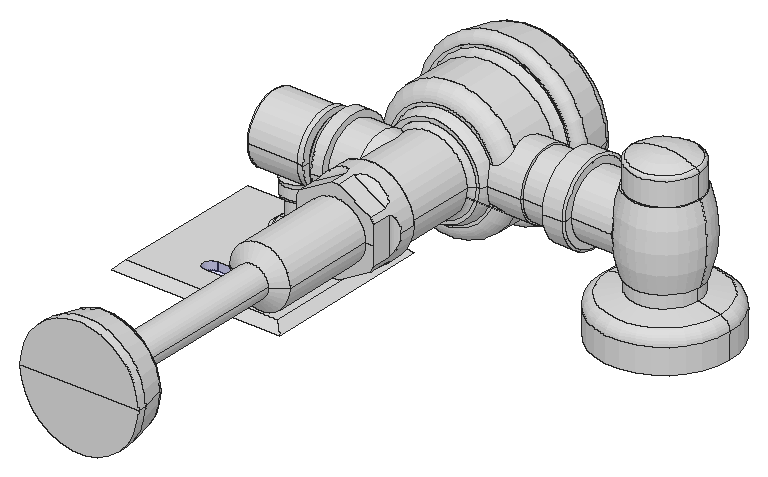
Revit family "Plumbing-Flushometer-Sloan-Valve-Sloan-186-ESS_", category Plumbing Fixtures, host Face, Revit 2019
Family settings
  Host = Face
  Round Connector Dimension = Use Diameter
  Part Type = Normal
  OmniClass Number = 23.45.05.14.99
  OmniClass Title = Other Sanitary Washing Plumbing Fixtures
  Cut with Voids When Loaded = No
  Shared = No
  Room Calculation Point = No
Parameters (values of type "Not a Type - Load Type Catalog!")
  z_CL EL Box = if(True Mechanical Override, 6", 2 1/2")  # 2 1/2"
  Water Inlet Connection Diameter = 3" / 4  # 3/4"
  Waste Connection = no
  WFU = 0
  Voltage = 24 V
  Vent Connection = no
  Valve Pressure Drop = 0.00 psi
  URL = "www.sloanvalve.com"
  True Mechanical Override = no
  Product data url = "https://bimobject.com/sloan_valve/product/flushometers_sloan-186-ess"
  Product Material = Sloan Valve - Finish - Polished Chrome
  Product Guid = ""
  Power Factor = 1
  Part Number = ""
  Override Button = no
  Operating Water Pressure = "15 – 80 PSI (103 – 552 kPa)"  # constant formula
  Number of Poles = 1
  Model = "Model not specified - Load type catalog!"
  Manufacturer = "Sloan Valve"  # constant formula
  Keynote = "15410"
  Height = 14"  # constant formula
  HWFU = 0
  HW Connection = no
  Flush Rate = "0"
  Edition number = 1
  Description = ""
  Default Elevation = 0"
  Current = 0 A
  Centerline of Supply to Centerline of Valve = 4 3/4"  # constant formula
  Centerline of Supply from Top of Fixture = 11 1/2"  # constant formula
  CWFU = 0
  CW Connection = yes
  Assembly Code = "D2020300"
  Apparent Load = (Voltage * Current) / (Power Factor * Number of Poles)  # 0 VA
Reference planes (in)
  plane 1 "Center (Front/Back)": y = 0
  plane 2: z = 0
  plane 3 "Center (Left/Right)": x = 0
  plane 4: y = -11.5
Dimensions and locks (in)
  aligned and locked: plane 2 to host face
  aligned and locked: level to host face
Nested families (in)
  nested 1: "Geometry" at (0, -11.5, 0) x (1, 0, 0) z (0, 1, 0), type "Geometry"
    with Override Button no
Connectors (in)
  piping at (4.75, 0, 0), diameter 0.75, driven by "Water Inlet Connection Diameter", driven by "CWFU", driven by "Valve Pressure Drop"
    settings: on nested 1, index 3, connector inside diameter 24", connector length 0", flow factor 0, pipe flow 0 GPM, pressure drop 0.00 psi, fitting loss kfactor 0, connector angle 0.00°, fixture units 0, engagement length 0", angle of deflection 0.00°, flow configuration 3, flow direction 1, fitting loss method 4, system type 20, joint type 0, gender type 0, connector reference index -1, connector utility 0, adjustable connector no, is connector primary yes, connector description "Water Inlet Connection"
  electrical at (-2.83227, -2.5, 0), driven by "Number of Poles", driven by "Voltage", driven by "Apparent Load", driven by "Apparent Load", driven by "Apparent Load", driven by "Power Factor"
    settings: on nested 1, index 4, voltage 24 V, apparent load 0 VA, apparent load phase1 0 VA, apparent load phase2 0 VA, apparent load phase3 0 VA, power factor 1, load classification "Other", number of poles 1, system type 31, power factor state 1, is connector primary yes, connector utility no, sub classification motor no, connector description "Electrical Connection"
Definition of nested family "Geometry"
  Parameters (values of type "Geometry")
    z_CL EL Box = if(True Mechanical Override, 6", 2 1/2")  # 2 1/2"
    URL = ""
    True Mechanical Override = no
    Product Material = none
    Override Button = yes
    Model = ""
    Manufacturer = ""
    Keynote = ""
    Description = ""
    Default Elevation = 0"
    Assembly Code = ""
  Reference planes (in)
    plane 1 "Center (Front/Back)": y = 0
    plane 2: z = 0
    plane 3 "Center (Left/Right)": x = 0
    plane 4: x = 4.75
    plane 5: y = -2.25
    plane 6: z = 11.5
    plane 7: z = 9
  Forms (in)
    Extrusion 1, solid
      sketch origin (0, 0, 0) x (1, 0, 0) y (0, 1, 0)
        loop
          line (-48, 48) -> (-48, -48) -> (48, -48) -> (48, 48) -> (-48, 48)
      from 0 to -12
    Extrusion 2, solid, material <- "Product Material", not visible
      sketch origin (0, 0, 0) x (1, 0, 0) y (0, 0, 1)
        loop
          circle (4.75, 11.5) r 1
      from 0.07956 to 0
    Revolve 3, solid, material <- "Product Material"
      sketch origin (-0.0001, -2.25, 12.43447) x (1, 0, 0) y (0, 0, 1)
        loop
          line (-1.84088, 0.97112) -> (-1.98591, 0.26072)
          arc (-1.98591, 0.26072) -> (-1.94133, 0.07985) -> (-1.77304, 0) r 0.21726
          line (-1.77304, 0) -> (0, 0) -> (0, 1.45669) -> (-1.14173, 1.45669) -> (-1.14173, 1.1811)
          arc (-1.14173, 1.1811) -> (-1.39649, 1.17291) -> (-1.6502, 1.14839) r 3.96766
          arc (-1.6502, 1.14839) -> (-1.77395, 1.09032) -> (-1.84088, 0.97112) r 0.22389
        axis (0, 0) -> (0, 1.45669)
      angle from 0 to 360
    Blend 4, solid, material <- "Product Material"
      base sketch origin (-7.0595, -182.25, 14.00927) x (-1, 0, 0) y (0, -1, 0)
        loop
          circle (-7.0594, -180) r 0.74803
      top sketch origin (-7.0595, -182.25, 14.00927) x (-1, 0, 0) y (0, -1, 0)
        loop
          circle (-7.0594, -180) r 0.68898
      from -0.11811 to 0
    Revolve 5, solid, material <- "Product Material"
      sketch origin (0, 3, 11.5) x (1, 0, 0) y (0, 1, 0)
        loop
          arc (5.59646, -6.1752) -> (5.75502, -5.25) -> (5.59646, -4.3248) r 2.77845
          line (5.59646, -4.3248) -> (5.5374, -4.3248) -> (5.5374, -3.99194)
          arc (5.5374, -3.99194) -> (5.8144, -3.95568) -> (6.08617, -3.89103) r 2.70259
          arc (6.08617, -3.89103) -> (6.24431, -3.78128) -> (6.30512, -3.59864) r 0.3047
          line (6.30512, -3.59864) -> (6.30512, -3) -> (4.75, -3) -> (4.75, -6.97813)
          arc (4.75, -6.97813) -> (5.13409, -6.94086) -> (5.49815, -6.81288) r 1.60287
          arc (5.49815, -6.81288) -> (5.54115, -6.77387) -> (5.55709, -6.71804) r 0.10577
          line (5.55709, -6.71804) -> (5.55709, -6.1752) -> (5.59646, -6.1752)
        axis (4.75, -3) -> (4.75, -6.97813)
      angle from 0 to 360
    Revolve 6, solid, material <- "Product Material"
      sketch origin (0, -2.25, -15) x (1, 0, 0) y (0, 0, 1)
        loop
          arc (1.28077, 15.80131) -> (1.25972, 15.8387) -> (1.22109, 15.85742) r 0.07182
          arc (1.22109, 15.85742) -> (0.97526, 15.8862) -> (0.72811, 15.89959) r 3.96766
          line (0.72811, 15.89959) -> (0.72811, 16.02394) -> (0.64655, 16.02394) -> (0.61409, 16.10206) -> (0, 16.10206) -> (0, 15) -> (1.40625, 15) -> (1.40625, 15.21098) -> (1.28077, 15.80131)
        axis (0, 15) -> (0, 16.10206)
      angle from 0 to 360
    Revolve 7, solid, material <- "Product Material"
      sketch origin (0, -2.25, -15) x (1, 0, 0) y (0, 0, 1)
        loop
          line (0, 27.43447) -> (-1.71373, 27.43447)
          arc (-1.71373, 27.43447) -> (-1.64614, 27.31751) -> (-1.62266, 27.18447) r 0.38866
          line (-1.62266, 27.18447) -> (-1.62266, 26.16955)
          arc (-1.62266, 26.16955) -> (-1.52037, 25.92259) -> (-1.27341, 25.8203) r 0.34925
          line (-1.27341, 25.8203) -> (-1.20079, 25.8203)
          arc (-1.20079, 25.8203) -> (-1.16119, 25.68159) -> (-1.10236, 25.54988) r 1.01634
          line (-1.10236, 25.54988) -> (-1.00394, 25.54988)
          arc (-1.00394, 25.54988) -> (-0.93739, 25.49173) -> (-0.90551, 25.40931) r 0.18455
          line (-0.90551, 25.40931) -> (-0.90551, 23.77305) -> (0, 23.77305) -> (0, 27.43447)
        axis (0, 27.43447) -> (0, 23.77305)
      angle from 0 to 360
    Revolve 8, solid, material <- "Product Material"
      sketch origin (0, -2.25, -15) x (1, 0, 0) y (0, 0, 1)
        loop
          line (0, 27.30709) -> (0, 26.5) -> (4.10919, 26.5) -> (4.10919, 27.26772) -> (3.12494, 27.26772) -> (3.12494, 27.4256)
          arc (3.12494, 27.4256) -> (3.11182, 27.45569) -> (3.09564, 27.48425) r 0.31531
          line (3.09564, 27.48425) -> (2.62298, 27.48425)
          arc (2.62298, 27.48425) -> (2.6068, 27.45569) -> (2.59369, 27.4256) r 0.31531
          line (2.59369, 27.4256) -> (2.59369, 27.26772) -> (1.97042, 27.26772) -> (1.97042, 27.30709) -> (0, 27.30709)
        axis (0, 26.5) -> (4.10919, 26.5)
      angle from 0 to 360
    Revolve 9, solid, material <- "Product Material"
      sketch origin (60, -2.25, 65) x (1, 0, 0) y (0, 0, 1)
        loop
          line (-60, -57.38201) -> (-60, -63.89764) -> (-59.625, -63.89764) -> (-59.625, -59.84883) -> (-59.28125, -59.60813) -> (-59.28125, -57.38201) -> (-60, -57.38201)
        axis (-60, -63.89764) -> (-60, -57.38201)
      angle from 0 to 360
    Blend 10, solid, material <- "Product Material"
      base sketch origin (2.08899, 0, -27) x (-1, 0, 0) y (0, 0, 1)
        loop
          line (6.92126, 34) -> (6.92126, 38) -> (2.92126, 38) -> (2.92126, 34) -> (6.92126, 34)
      top sketch origin (2.08899, 0, -27) x (-1, 0, 0) y (0, 0, 1)
        loop
          line (3.10876, 37.8125) -> (3.10876, 34.1875) -> (6.73376, 34.1875) -> (6.73376, 37.8125) -> (3.10876, 37.8125)
      from 0 to -0.1875
    Extrusion 11, solid
      sketch origin (2.08899, 0, -27) x (-1, 0, 0) y (0, 0, 1)
        loop
          line (5.34635, 35.1875) -> (4.49617, 35.1875)
          arc (4.49617, 35.1875) -> (4.30867, 35) -> (4.49617, 34.8125) r 0.1875
          line (4.49617, 34.8125) -> (5.34635, 34.8125)
          arc (5.34635, 34.8125) -> (5.53385, 35) -> (5.34635, 35.1875) r 0.1875
      from -0.1875 to 0
    Revolve 12, solid, material <- "Product Material"
      sketch origin (-21.18652, -2.25, 142.48048) x (-1, 0, 0) y (0, 0, 1)
        loop
          line (-17.49676, -132.48048) -> (-17.49676, -132.32371)
          arc (-17.49676, -132.32371) -> (-17.55143, -132.19171) -> (-17.68344, -132.13703) r 0.18668
          line (-17.68344, -132.13703) -> (-17.80926, -132.13703) -> (-17.80926, -131.72972)
          arc (-17.80926, -131.72972) -> (-17.8272, -131.68642) -> (-17.8705, -131.66848) r 0.06124
          line (-17.8705, -131.66848) -> (-19.05926, -131.66848) -> (-19.05926, -131.63673) -> (-19.18583, -131.63673) -> (-19.18583, -131.80449) -> (-19.30926, -131.80449) -> (-19.30926, -131.67656) -> (-19.46587, -131.51995) -> (-19.74676, -131.51995) -> (-19.74676, -131.66002) -> (-20.41075, -131.66002) -> (-21.18736, -131.80449) -> (-21.18736, -132.48048) -> (-17.49676, -132.48048)
        axis (-17.49676, -132.48048) -> (-21.18736, -132.48048)
      angle from 0 to 360
    Revolve 13, solid, material <- "Product Material"
      sketch origin (-10.42907, -5.85827, 10.00087) x (-1, 0, 0) y (0, -1, 0)
        loop
          line (-7.40495, -4.81107) -> (-7.31564, -4.81107)
          arc (-7.31564, -4.81107) -> (-7.29598, -4.80293) -> (-7.28784, -4.78327) r 0.0278
          line (-7.28784, -4.78327) -> (-7.28784, -4.51462)
          arc (-7.28784, -4.51462) -> (-7.28134, -4.46522) -> (-7.26227, -4.41919) r 0.19087
          line (-7.26227, -4.41919) -> (-7.67838, -4.41919) -> (-7.67838, -5.85827) -> (-7.07902, -5.85827) -> (-7.07902, -5.56139) -> (-7.171, -5.56139) -> (-7.171, -5.49077)
          arc (-7.171, -5.49077) -> (-7.17777, -5.47442) -> (-7.19412, -5.46764) r 0.02312
          line (-7.19412, -5.46764) -> (-7.40495, -5.46764) -> (-7.40495, -4.81107)
        axis (-7.67838, -5.85827) -> (-7.67838, -4.41919)
      angle from 0 to 360
    Extrusion 14, void
      sketch origin (2.08899, 0, -27) x (-1, 0, 0) y (0, 0, 1)
        loop
          line (5.34635, 35.1875) -> (4.49617, 35.1875)
          arc (4.49617, 35.1875) -> (4.30867, 35) -> (4.49617, 34.8125) r 0.1875
          line (4.49617, 34.8125) -> (5.34635, 34.8125)
          arc (5.34635, 34.8125) -> (5.53385, 35) -> (5.34635, 35.1875) r 0.1875
      from -0.1875 to 0
    Extrusion 15, solid, material <- "Product Material", visible <- "True Mechanical Override"
      sketch origin (-16.52384, -2.25, 8.75422) x (1, 0, 0) y (0, 0, -1)
        loop
          line (17.30219, -1.28018) -> (17.30219, -0.90573)
          arc (17.30219, -0.90573) -> (17.09998, -0.62807) -> (16.8027, -0.45598) r 0.8305
          line (16.8027, -0.45598) -> (16.24559, -0.45598)
          arc (16.24559, -0.45598) -> (15.94831, -0.62807) -> (15.74609, -0.90573) r 0.8305
          line (15.74609, -0.90573) -> (15.74609, -1.28018)
          arc (15.74609, -1.28018) -> (16.52414, -2.05823) -> (17.30219, -1.28018) r 0.77805
      from 0 to -1.292
    Revolve 16, solid, material <- "Product Material", visible <- "True Mechanical Override"
      sketch origin (0.00031, -2.25, 8.6774) x (0, 1, 0) y (0, 0, -1)
        loop
          line (-1.3974, -2.26773) -> (-1.292, -2.16233) -> (-1.292, -1.35373) -> (-2.963, -1.35373) -> (-2.963, -1.64524)
          arc (-2.963, -1.64524) -> (-2.92492, -1.73716) -> (-2.833, -1.77524) r 0.13
          line (-2.833, -1.77524) -> (-2.512, -1.77524) -> (-2.512, -1.80649)
          arc (-2.512, -1.80649) -> (-2.55655, -1.82494) -> (-2.575, -1.86949) r 0.063
          line (-2.575, -1.86949) -> (-2.575, -1.97503) -> (-2.492, -2.01374) -> (-1.761, -2.01374) -> (-1.761, -2.16133) -> (-1.6546, -2.26773) -> (-1.3974, -2.26773)
        axis (-1.292, -1.35373) -> (-2.963, -1.35373)
      angle from 0 to 360
    Revolve 17, solid, material <- "Product Material", visible <- "Override Button"
      sketch origin (2.08899, -0.1875, -27) x (-1, 0, 0) y (0, 0, 1)
        loop
          arc (6.02034, 37.07076) -> (5.83284, 36.88326) -> (6.02034, 36.69576) r 0.1875
          line (6.02034, 36.69576) -> (6.02034, 37.07076)
        axis (6.02034, 36.69576) -> (6.02034, 37.07076)
      angle from 0 to 180
  Cuts and joins
    Extrusion 14 cuts Blend 10
  Lines and regions (in)
    Masking region 1
      outline origin (0, 0, 0) x (1, 0, 0) y (0, 1, 0)
        loop
          line (6.30453, 0) -> (3.19547, 0) -> (3.19547, -0.60176)
          arc (3.19547, -0.60176) -> (3.27619, -0.78833) -> (3.4459, -0.90022) r 0.3557
          arc (3.4459, -0.90022) -> (3.7016, -0.962) -> (3.9626, -0.99481) r 2.34951
          line (3.9626, -0.99481) -> (3.9626, -1.3248) -> (3.90354, -1.3248)
          arc (3.90354, -1.3248) -> (3.87677, -1.40444) -> (3.85241, -1.48484) r 2.77845
          line (3.85241, -1.48484) -> (3.12437, -1.48484) -> (3.12437, -1.26142) -> (2.59312, -1.26142) -> (2.59312, -1.44004) -> (1.81594, -1.44004)
          arc (1.81594, -1.44004) -> (-0.07222, -0.26292) -> (-1.86995, -1.574) r 1.98839
          line (-1.86995, -1.574) -> (-2.00069, -1.574) -> (-2.00069, -1.40625) -> (-2.12726, -1.40625) -> (-2.12726, -1.438) -> (-2.33573, -1.438)
          arc (-2.33573, -1.438) -> (-2.35556, -1.39266) -> (-2.36106, -1.34348) r 0.16511
          line (-2.36106, -1.34348) -> (-2.36106, -1.07472)
          arc (-2.36106, -1.07472) -> (-2.36925, -1.05494) -> (-2.38904, -1.04674) r 0.02798
          line (-2.38904, -1.04674) -> (-2.47744, -1.04674) -> (-2.47744, -0.38976) -> (-2.2712, -0.38976)
          arc (-2.2712, -0.38976) -> (-2.25136, -0.38154) -> (-2.24314, -0.3617) r 0.02806
          line (-2.24314, -0.3617) -> (-2.24314, -0.29688) -> (-2.15132, -0.29688) -> (-2.15132, -0.1875) -> (-1.01977, -0.1875) -> (-0.83227, 0) -> (-4.83227, 0) -> (-4.64477, -0.1875) -> (-3.35111, -0.1875) -> (-3.35111, -0.29688) -> (-3.25929, -0.29688) -> (-3.25929, -0.3617)
          arc (-3.25929, -0.3617) -> (-3.25108, -0.38154) -> (-3.23123, -0.38976) r 0.02806
          line (-3.23123, -0.38976) -> (-3.025, -0.38976) -> (-3.025, -1.04674) -> (-3.1134, -1.04674)
          arc (-3.1134, -1.04674) -> (-3.13318, -1.05494) -> (-3.14138, -1.07472) r 0.02798
          line (-3.14138, -1.07472) -> (-3.14138, -1.34348)
          arc (-3.14138, -1.34348) -> (-3.14688, -1.39266) -> (-3.1667, -1.438) r 0.16511
          line (-3.1667, -1.438) -> (-3.31323, -1.438)
          arc (-3.31323, -1.438) -> (-3.35706, -1.45615) -> (-3.37522, -1.49999) r 0.06199
          line (-3.37522, -1.49999) -> (-3.37522, -1.90713) -> (-3.51057, -1.90713)
          arc (-3.51057, -1.90713) -> (-3.63557, -1.95891) -> (-3.68734, -2.08391) r 0.17678
          line (-3.68734, -2.08391) -> (-3.68734, -2.25) -> (-3.68734, -2.41609)
          arc (-3.68734, -2.41609) -> (-3.63557, -2.54109) -> (-3.51057, -2.59287) r 0.17678
          line (-3.51057, -2.59287) -> (-3.37522, -2.59287) -> (-3.37522, -3.00001)
          arc (-3.37522, -3.00001) -> (-3.35706, -3.04385) -> (-3.31323, -3.062) r 0.06199
          line (-3.31323, -3.062) -> (-2.12726, -3.062) -> (-2.12726, -3.09375) -> (-2.00069, -3.09375) -> (-2.00069, -2.926) -> (-1.86995, -2.926)
          arc (-1.86995, -2.926) -> (-0.07217, -4.23708) -> (1.81598, -3.05987) r 1.98839
          line (1.81598, -3.05987) -> (2.59312, -3.05987) -> (2.59312, -3.23579) -> (3.12437, -3.23579) -> (3.12437, -3.01791) -> (3.8532, -3.01791)
          arc (3.8532, -3.01791) -> (3.8772, -3.09693) -> (3.90354, -3.1752) r 2.77845
          line (3.90354, -3.1752) -> (3.94291, -3.1752) -> (3.94291, -3.6752)
          arc (3.94291, -3.6752) -> (3.95934, -3.74449) -> (4.00511, -3.79904) r 0.1544
          arc (4.00511, -3.79904) -> (4.75, -3.97483) -> (5.49489, -3.79904) r 1.66617
          arc (5.49489, -3.79904) -> (5.54066, -3.74449) -> (5.55709, -3.6752) r 0.1544
          line (5.55709, -3.6752) -> (5.55709, -3.1752) -> (5.59646, -3.1752)
          arc (5.59646, -3.1752) -> (5.75502, -2.25) -> (5.59646, -1.3248) r 2.77845
          line (5.59646, -1.3248) -> (5.5374, -1.3248) -> (5.5374, -0.99481)
          arc (5.5374, -0.99481) -> (5.7984, -0.962) -> (6.0541, -0.90022) r 2.34951
          arc (6.0541, -0.90022) -> (6.22381, -0.78833) -> (6.30453, -0.60176) r 0.3557
          line (6.30453, -0.60176) -> (6.30453, 0)
    Masking region 2, visible <- "True Mechanical Override"
      outline origin (0, 0, 0) x (1, 0, 0) y (0, 1, 0)
        loop
          line (-0.66188, -4.12499) -> (-0.66188, -4.742) -> (-0.62099, -4.825) -> (-0.42249, -4.825) -> (-0.42249, -5.08894)
          arc (-0.42249, -5.08894) -> (-0.38729, -5.17391) -> (-0.30232, -5.20911) r 0.12017
          line (-0.30232, -5.20911) -> (0, -5.20911) -> (0.30232, -5.20911)
          arc (0.30232, -5.20911) -> (0.38729, -5.17391) -> (0.42249, -5.08894) r 0.12017
          line (0.42249, -5.08894) -> (0.42249, -4.825) -> (0.62099, -4.825) -> (0.66188, -4.742) -> (0.66188, -4.12499)
          arc (0.66188, -4.12499) -> (0, -4.23839) -> (-0.66188, -4.12499) r 1.98839
    Masking region 3, visible <- "Override Button"
      outline origin (0, 0, 0) x (1, 0, 0) y (0, 1, 0)
        loop
          arc (-4.11885, -0.1875) -> (-3.93135, -0.375) -> (-3.74385, -0.1875) r 0.1875
          line (-3.74385, -0.1875) -> (-4.11885, -0.1875)
    symbolic lines, detail levels medium+fine
      curve 1: line (5.59646, -3.1752, 0) -> (3.90354, -3.1752, 0)
      curve 2: line (5.59646, -1.3248, 0) -> (3.90354, -1.3248, 0)
      curve 3: line (3.9594, -1.00041, 0) -> (5.54725, -1.00041, 0)
      curve 4: line (3.12494, -1.29358, 0) -> (3.12494, -2.25, 0)
      curve 5: line (3.12494, -2.25, 0) -> (3.12494, -3.20642, 0)
      curve 6: line (2.59369, -1.29358, 0) -> (2.59369, -2.25, 0)
      curve 7: line (2.59369, -2.25, 0) -> (2.59369, -3.20642, 0)
      curve 12: arc (0.68898, -2.25, 0) -> (0, -1.56102, 0) -> (-0.68898, -2.25, 0) r 0.68898
      curve 13: arc (-0.68898, -2.25, 0) -> (0, -2.93898, 0) -> (0.68898, -2.25, 0) r 0.68898
      curve 15: arc (-1.74112, -1.2897, 0) -> (-1.98839, -2.25, 0) -> (-1.74112, -3.2103, 0) r 1.98839
      curve 16: arc (1.81594, -1.44004, 0) -> (1.98839, -2.25, 0) -> (1.81594, -3.05996, 0) r 1.98839
      curve 20: line (-4.64477, -0.1875, 0) -> (-1.01977, -0.1875, 0)
      curve 21: line (-3.35005, -0.29688, 0) -> (-2.15132, -0.29688, 0)
      curve 22: line (-3.23495, -0.39063, 0) -> (-2.26643, -0.39063, 0)
      curve 23: line (-3.11344, -1.0472, 0) -> (-2.38794, -1.0472, 0)
      curve 24: line (-3.16681, -1.43908, 0) -> (-2.33457, -1.43908, 0)
      curve 25: line (-3.37726, -2.25, 0) -> (-3.37726, -1.49924, 0)
      curve 26: line (-3.37726, -3.00076, 0) -> (-3.37726, -2.25, 0)
      curve 27: line (-2.12726, -2.25, 0) -> (-2.12726, -1.40625, 0)
      curve 28: line (-2.12726, -3.09375, 0) -> (-2.12726, -2.25, 0)
      curve 29: line (-2.00069, -2.25, 0) -> (-2.00069, -1.40625, 0)
      curve 30: line (-2.00069, -3.09375, 0) -> (-2.00069, -2.25, 0)
    symbolic lines, detail levels fine
      curve 8: arc (1.14173, -2.25, 0) -> (0, -1.10827, 0) -> (-1.14173, -2.25, 0) r 1.14173
      curve 9: arc (-1.14173, -2.25, 0) -> (0, -3.39173, 0) -> (1.14173, -2.25, 0) r 1.14173
      curve 10: arc (0.74803, -2.25, 0) -> (0, -1.50197, 0) -> (-0.74803, -2.25, 0) r 0.74803
      curve 11: arc (-0.74803, -2.25, 0) -> (0, -2.99803, 0) -> (0.74803, -2.25, 0) r 0.74803
      curve 14: circle (0, -2.25, 0) r 1.60881 normal (0, 0, 1)
    symbolic lines, visible <- "True Mechanical Override", detail levels medium+fine
      curve 17: line (0.00031, -4.825, 0) -> (-0.62099, -4.825, 0)
      curve 18: line (0.62161, -4.825, 0) -> (0.00031, -4.825, 0)
      curve 19: line (-0.6597, -4.742, 0) -> (0.66031, -4.742, 0)
  Dimensions and locks (in)
    Extrusion 2 sketch curve to plane 2 = 11 1/2"
    Extrusion 2 sketch curve to plane 3 "Center (Left/Right)" = 4 3/4"
    plane 3 "Center (Left/Right)" to plane 4 = 4 3/4"
    plane 6 to plane 2 = 11 1/2"
    "z_CL EL Box": plane 6 to plane 7
    plane 7 to Extrusion 11 sketch curve to Extrusion 11 sketch curve = 13/16" locked, 3/8" locked
    Blend 10 sketch curve to plane 7 to Blend 10 sketch curve = 1 13/16" locked, 1 13/16" locked
    Blend 10 sketch curve to plane 7 to Blend 10 sketch curve = 2" locked, 2" locked
    locked: Extrusion 14 sketch curve to Extrusion 14 sketch curve at 0.375
    locked: plane 7 to Extrusion 14 sketch curve at 0.8125
    Revolve 9 sketch curve to Revolve 9 sketch curve to Revolve 9 sketch curve to Revolve 9 sketch curve to plane 2 = 2.22612" locked, 0.2407" locked, 4.04881" locked, 1.10236" locked
    aligned and locked: plane 2 to Extrusion 1
    aligned and locked: level to Extrusion 1
    aligned and locked: Extrusion 2 to plane 1 "Center (Front/Back)"
    aligned and locked: Revolve 9 sketch curve to Revolve 9 sketch curve  (x2)
  Automatic sketch dimensions
    Extrusion 1 sketch curve to Extrusion 1 sketch curve = 96"  (x2)
    plane 6 to Revolve 3 sketch curve = 1.19519"
    Revolve 3 sketch curve to plane 3 "Center (Left/Right)" = 1.986"
    Revolve 3 sketch curve to Revolve 3 sketch curve = 0.14503"
    Revolve 3 sketch curve to Revolve 3 sketch curve = 0.21287"
    Revolve 3 sketch curve to Revolve 3 sketch curve = 0.21937"
    Revolve 3 sketch curve to plane 3 "Center (Left/Right)" = 1.14183"
    Revolve 3 sketch curve to plane 3 "Center (Left/Right)" = 0.0001"  (x2)
    Revolve 3 sketch curve to Revolve 3 sketch curve = 0.04346"
    Revolve 3 sketch curve to plane 6 = 1.85208"
    Revolve 3 sketch curve to Revolve 3 sketch curve = 0.70908"
    Revolve 3 sketch curve to Revolve 3 sketch curve = 0.04478"
    Revolve 3 sketch curve to Revolve 3 sketch curve = 0.03272"
    Revolve 3 sketch curve to Revolve 3 sketch curve = 0.27559"
    Revolve 3 sketch curve to Revolve 3 sketch curve = 0.18958"
    Revolve 3 sketch curve to Revolve 3 sketch curve = 0.32223"
    plane 5 to Blend 4 sketch curve = 0"  (x2)
    Blend 4 sketch curve to plane 3 "Center (Left/Right)" = 0.0001"  (x2)
    plane 5 to Revolve 5 sketch curve = 0"
    Revolve 5 sketch curve to plane 4 = 0"  (x2)
    plane 1 "Center (Front/Back)" to Revolve 5 sketch curve = 0"
    plane 4 to Revolve 5 sketch curve = 1 99/128"
    Revolve 5 sketch curve to plane 4 = 0.03838"
    Revolve 5 sketch curve to plane 4 = 0.5756"
    Revolve 5 sketch curve to plane 4 = 0.70131"
    Revolve 5 sketch curve to plane 4 = 0.7874"
    Revolve 5 sketch curve to Revolve 5 sketch curve = 0.10577"
    Revolve 5 sketch curve to Revolve 5 sketch curve = 0.05906"
    Revolve 5 sketch curve to Revolve 5 sketch curve = 0.03937"
    Revolve 5 sketch curve to Revolve 5 sketch curve = 0.46302"
    Revolve 5 sketch curve to Revolve 5 sketch curve = 39/128"
    plane 5 to Revolve 5 sketch curve = 0.12572"
    plane 5 to Revolve 5 sketch curve = 0.9252"
    Revolve 5 sketch curve to Revolve 5 sketch curve = 0.54284"
    Revolve 5 sketch curve to Revolve 5 sketch curve = 0.26009"
    Revolve 5 sketch curve to Revolve 5 sketch curve = 0.33286"
    Revolve 5 sketch curve to Revolve 5 sketch curve = 0.59864"
    Revolve 5 sketch curve to plane 1 "Center (Front/Back)" = 1.70234"
    Revolve 5 sketch curve to Revolve 5 sketch curve = 0.09"
    Revolve 5 sketch curve to Revolve 5 sketch curve = 0.12423"
    Revolve 6 sketch curve to plane 3 "Center (Left/Right)" = 0"  (x2)
    Revolve 6 sketch curve to level = 0"
    plane 3 "Center (Left/Right)" to Revolve 6 sketch curve = 0.61409"
    plane 3 "Center (Left/Right)" to Revolve 6 sketch curve = 0.63703"
    Revolve 6 sketch curve to Revolve 6 sketch curve = 0.03246"
    Revolve 6 sketch curve to Revolve 6 sketch curve = 0.08156"
    Revolve 6 sketch curve to Revolve 6 sketch curve = 0.48241"
    level to Revolve 6 sketch curve = 0.80131"
    Revolve 6 sketch curve to Revolve 6 sketch curve = 0.07025"
    Revolve 6 sketch curve to Revolve 6 sketch curve = 0.19573"
    Revolve 6 sketch curve to level = 3.06702"
    Revolve 6 sketch curve to Revolve 6 sketch curve = 0.21098"
    Revolve 6 sketch curve to Revolve 6 sketch curve = 0.01493"
    Revolve 6 sketch curve to Revolve 6 sketch curve = 0.04218"
    Revolve 6 sketch curve to Revolve 6 sketch curve = 0.12434"
    Revolve 6 sketch curve to Revolve 6 sketch curve = 5/64"
    Revolve 6 sketch curve to Revolve 6 sketch curve = 0"
    Revolve 6 sketch curve to Revolve 6 sketch curve = 0.33436"
    Revolve 7 sketch curve to plane 3 "Center (Left/Right)" = 0"  (x2)
    Revolve 7 sketch curve to plane 3 "Center (Left/Right)" = 0.20615"
    Revolve 7 sketch curve to plane 3 "Center (Left/Right)" = 0.90551"
    Revolve 7 sketch curve to Revolve 7 sketch curve = 0.09843"  (x3)
    Revolve 7 sketch curve to Revolve 7 sketch curve = 0.18306"
    Revolve 7 sketch curve to Revolve 7 sketch curve = 0.07263"
    Revolve 7 sketch curve to Revolve 7 sketch curve = 0.34925"
    Revolve 7 sketch curve to Revolve 7 sketch curve = 0.09107"
    Revolve 7 sketch curve to Revolve 7 sketch curve = 0.29759"
    Revolve 7 sketch curve to plane 6 = 2.72695"
    Revolve 7 sketch curve to plane 6 = 1.11413"
    Revolve 7 sketch curve to Revolve 7 sketch curve = 3/128"
    Revolve 7 sketch curve to Revolve 7 sketch curve = 0.27042"
    plane 6 to Revolve 7 sketch curve = 0.68447"
    Revolve 7 sketch curve to Revolve 7 sketch curve = 0.3386"
    Revolve 7 sketch curve to Revolve 7 sketch curve = 0.4114"
    Revolve 8 sketch curve to plane 3 "Center (Left/Right)" = 0"
    Revolve 8 sketch curve to plane 6 = 0"  (x2)
    plane 6 to Revolve 8 sketch curve = 0.76772"  (x2)
    plane 3 "Center (Left/Right)" to Revolve 8 sketch curve = 1.97042"
    Revolve 8 sketch curve to Revolve 8 sketch curve = 0.62326"
    Revolve 8 sketch curve to Revolve 8 sketch curve = 0.02929"  (x2)
    Revolve 8 sketch curve to Revolve 8 sketch curve = 0.23605"
    Revolve 8 sketch curve to Revolve 8 sketch curve = 0.05915"
    Revolve 8 sketch curve to Revolve 8 sketch curve = 0.20676"
    plane 4 to Revolve 8 sketch curve = 0.64081"
    Revolve 8 sketch curve to Revolve 8 sketch curve = 0.03937"
    Revolve 8 sketch curve to Revolve 8 sketch curve = 0.04709"
    Revolve 8 sketch curve to Revolve 8 sketch curve = 0"
    Revolve 8 sketch curve to Revolve 8 sketch curve = 0.15788"
    Revolve 8 sketch curve to Revolve 8 sketch curve = 3/4"
    Revolve 8 sketch curve to Revolve 8 sketch curve = 1/2"
    Revolve 9 sketch curve to plane 3 "Center (Left/Right)" = 0"  (x2)
    plane 3 "Center (Left/Right)" to Revolve 9 sketch curve = 3/8"
    Revolve 9 sketch curve to Revolve 9 sketch curve = 23/32"
    Revolve 9 sketch curve to Revolve 9 sketch curve = 3 1/2"
    Revolve 9 sketch curve to Revolve 9 sketch curve = 5"
    Blend 10 sketch curve to plane 3 "Center (Left/Right)" = 0.83227"
    Blend 10 sketch curve to Blend 10 sketch curve = 4"
    Blend 10 sketch curve to plane 3 "Center (Left/Right)" = 1.01977"
    Blend 10 sketch curve to Blend 10 sketch curve = 3 5/8"
    Extrusion 11 sketch curve to plane 3 "Center (Left/Right)" = 2.40718"
    Extrusion 11 sketch curve to Extrusion 11 sketch curve = 0.85018"
    plane 3 "Center (Left/Right)" to Revolve 12 sketch curve = 0.00084"
    Revolve 12 sketch curve to plane 3 "Center (Left/Right)" = 0.77577"
    Revolve 12 sketch curve to Revolve 12 sketch curve = 0.66399"
    Revolve 12 sketch curve to plane 6 = 0.53946"
    Revolve 12 sketch curve to Revolve 12 sketch curve = 0.28089"
    Revolve 12 sketch curve to plane 6 = 0.69608"
    Revolve 12 sketch curve to Revolve 12 sketch curve = 0.15661"
    Revolve 12 sketch curve to Revolve 12 sketch curve = 0.12343"
    Revolve 12 sketch curve to Revolve 12 sketch curve = 0.12657"
    Revolve 12 sketch curve to Revolve 12 sketch curve = 1.18876"
    Revolve 12 sketch curve to Revolve 12 sketch curve = 0.06124"
    Revolve 12 sketch curve to Revolve 12 sketch curve = 0.12582"
    Revolve 12 sketch curve to Revolve 12 sketch curve = 0.18668"
    Revolve 12 sketch curve to plane 6 = 0.74924"
    Revolve 12 sketch curve to plane 6 = 0.824"
    Revolve 12 sketch curve to Revolve 12 sketch curve = 0.12793"
    Revolve 12 sketch curve to Revolve 12 sketch curve = 0.40731"
    Revolve 12 sketch curve to Revolve 12 sketch curve = 0.15677"
    Revolve 12 sketch curve to Revolve 12 sketch curve = 0.14007"
    Revolve 12 sketch curve to Revolve 12 sketch curve = 0.03983"
    Revolve 12 sketch curve to Revolve 12 sketch curve = 2.36318"
    Revolve 12 sketch curve to Revolve 12 sketch curve = 0"
    Revolve 12 sketch curve to plane 6 = 1 1/2"
    plane 1 "Center (Front/Back)" to Revolve 13 sketch curve = 0"
    Revolve 13 sketch curve to plane 3 "Center (Left/Right)" = 2.75069"
    Revolve 13 sketch curve to Revolve 13 sketch curve = 35/128"
    Revolve 13 sketch curve to Revolve 13 sketch curve = 0.08931"
    Revolve 13 sketch curve to Revolve 13 sketch curve = 0.0278"
    Revolve 13 sketch curve to Revolve 13 sketch curve = 0.02557"
    Revolve 13 sketch curve to Revolve 13 sketch curve = 0.21083"
    Revolve 13 sketch curve to Revolve 13 sketch curve = 0.02312"
    Revolve 13 sketch curve to Revolve 13 sketch curve = 0.19087"
    Revolve 13 sketch curve to Revolve 13 sketch curve = 0.09198"
    plane 1 "Center (Front/Back)" to Revolve 13 sketch curve = 19/64"
    Revolve 13 sketch curve to Revolve 13 sketch curve = 0.07063"
    Revolve 13 sketch curve to Revolve 13 sketch curve = 0.65657"
    Revolve 13 sketch curve to Revolve 13 sketch curve = 0.26865"
    Revolve 13 sketch curve to Revolve 13 sketch curve = 0"  (x2)
    Revolve 13 sketch curve to Revolve 13 sketch curve = 0.39804"
    Extrusion 14 sketch curve to plane 3 "Center (Left/Right)" = 2.40718"
    Extrusion 14 sketch curve to Extrusion 14 sketch curve = 0.85018"
    Extrusion 15 sketch curve to plane 3 "Center (Left/Right)" = 0.77774"
    Extrusion 15 sketch curve to plane 3 "Center (Left/Right)" = 0.27825"
    Extrusion 15 sketch curve to plane 3 "Center (Left/Right)" = 0.01981"
    plane 3 "Center (Left/Right)" to Extrusion 15 sketch curve = 0.00031"
    plane 3 "Center (Left/Right)" to Extrusion 15 sketch curve = 0.02043"
    plane 3 "Center (Left/Right)" to Extrusion 15 sketch curve = 0.27886"
    Extrusion 15 sketch curve to plane 6 = 1.4656"
    Extrusion 15 sketch curve to Extrusion 15 sketch curve = 0.03493"
    Extrusion 15 sketch curve to Extrusion 15 sketch curve = 0"
    Extrusion 15 sketch curve to Extrusion 15 sketch curve = 0.37445"
    plane 5 to Revolve 16 sketch curve = 2.963"
    Revolve 16 sketch curve to Revolve 16 sketch curve = 0.13"
    plane 5 to Revolve 16 sketch curve = 2.575"
    Revolve 16 sketch curve to Revolve 16 sketch curve = 0.063"
    Revolve 16 sketch curve to Revolve 16 sketch curve = 0.083"
    plane 5 to Revolve 16 sketch curve = 1.761"
    Revolve 16 sketch curve to Revolve 16 sketch curve = 0.1064"  (x2)
    Revolve 16 sketch curve to Revolve 16 sketch curve = 0.25719"
    Revolve 16 sketch curve to Revolve 16 sketch curve = 0.1054"  (x2)
    Revolve 16 sketch curve to plane 6 = 0.55486"
    Revolve 16 sketch curve to Revolve 16 sketch curve = 0.14759"
    Revolve 16 sketch curve to Revolve 16 sketch curve = 0.0387"
    Revolve 16 sketch curve to Revolve 16 sketch curve = 0.10555"
    Revolve 16 sketch curve to Revolve 16 sketch curve = 0.09425"
    Revolve 16 sketch curve to Revolve 16 sketch curve = 207/256"
    Revolve 16 sketch curve to Revolve 16 sketch curve = 0.12554"
    Revolve 16 sketch curve to Revolve 16 sketch curve = 0.05641"
    Revolve 16 sketch curve to Revolve 16 sketch curve = 0"
    Masking region 2 sketch curve to plane 3 "Center (Left/Right)" = 0"  (x2)
    plane 5 to Masking region 2 sketch curve = 0"
    Masking region 2 sketch curve to plane 3 "Center (Left/Right)" = 0.30232"
    Masking region 2 sketch curve to Masking region 2 sketch curve = 0.12017"  (x2)
    Masking region 2 sketch curve to Masking region 2 sketch curve = 0.19851"  (x2)
    Masking region 2 sketch curve to Masking region 2 sketch curve = 0.04089"  (x2)
    plane 3 "Center (Left/Right)" to Masking region 2 sketch curve = 0.30232"
    Masking region 2 sketch curve to Masking region 2 sketch curve = 0"  (x2)
    Masking region 2 sketch curve to Masking region 2 sketch curve = 0.083"  (x2)
    Masking region 2 sketch curve to Masking region 2 sketch curve = 0.26394"
    Masking region 2 sketch curve to Masking region 2 sketch curve = 0.61701"
    curve 8 to curve 10 = 0"
    curve 8 to curve 12 = 0"
    curve 8 to curve 14 = 0"
    curve 9 to curve 15 = 0"
    curve 10 to curve 14 = 0"
    curve 10 to curve 16 = 0"
    curve 11 to curve 12 = 0"
    curve 13 to curve 14 = 0"
    curve 15 to curve 16 = 0"  (x2)
    plane 5 to curve 8 = 0"
    curve 10 to plane 3 "Center (Left/Right)" = 0"
    plane 5 to curve 7 = 0"
    plane 5 to curve 5 = 0"
    plane 3 "Center (Left/Right)" to curve 17 = 0.00031"
    plane 4 to curve 7 = 2.15631"
    curve 6 to curve 5 = 17/32"
    curve 17 to plane 3 "Center (Left/Right)" = 0.62099"
    curve 19 to curve 17 = 0.0387"
    curve 13 to plane 3 "Center (Left/Right)" = 0.68898"
    curve 11 to curve 12 = 0.05906"
    curve 9 to curve 10 = 0.3937"
    curve 17 to curve 18 = 0.6213"
    curve 18 to curve 19 = 0.0387"
    curve 16 to curve 6 = 0.77774"
    curve 16 to curve 7 = 0.77774"
    curve 4 to curve 2 = 0.77861"
    curve 5 to curve 1 = 0.77861"
    curve 2 to curve 3 = 0.05586"
    curve 3 to plane 4 = 0.79725"
    curve 1 to plane 4 = 0.84646"
    curve 3 to curve 2 = 0.04921"
    plane 5 to curve 16 = 0.80996"
    plane 5 to curve 1 = 0.9252"
    curve 7 to curve 16 = 0.14646"
    curve 7 to curve 5 = 0"
    curve 18 to curve 19 = 0.083"
    curve 2 to plane 5 = 0.9252"
    curve 2 to curve 4 = 0.03122"
    curve 6 to curve 4 = 0"
    curve 2 to curve 3 = 0.32439"
    curve 17 to curve 16 = 1.76504"
    plane 5 to curve 15 = 0.9603"
    curve 15 to plane 5 = 0.9603"
    curve 15 to curve 9 = 0.59939"
    Masking region 1 sketch curve to Masking region 1 sketch curve = 0"  (x6)
    plane 1 "Center (Front/Back)" to Masking region 1 sketch curve = 0"  (x2)
    plane 5 to Masking region 1 sketch curve = 0"  (x4)
    Masking region 1 sketch curve to plane 3 "Center (Left/Right)" = 0"
    Masking region 1 sketch curve to plane 4 = 0"
    Masking region 1 sketch curve to plane 3 "Center (Left/Right)" = 0.83227"
    plane 1 "Center (Front/Back)" to Masking region 1 sketch curve = 3/16"  (x2)
    Masking region 1 sketch curve to Masking region 1 sketch curve = 3/16"  (x2)
    Masking region 1 sketch curve to plane 5 = 0.676"
    Masking region 1 sketch curve to Masking region 1 sketch curve = 0.85018"
    Masking region 1 sketch curve to Masking region 1 sketch curve = 0.13074"  (x2)
    Masking region 1 sketch curve to Masking region 1 sketch curve = 0.12657"  (x2)
    plane 1 "Center (Front/Back)" to Masking region 1 sketch curve = 19/64"
    Masking region 1 sketch curve to Masking region 1 sketch curve = 0.02406"
    Masking region 1 sketch curve to Masking region 1 sketch curve = 0.06881"
    Masking region 1 sketch curve to Masking region 1 sketch curve = 0.09182"  (x2)
    Masking region 1 sketch curve to Masking region 1 sketch curve = 0.02806"  (x2)
    Masking region 1 sketch curve to Masking region 1 sketch curve = 0.13966"
    Masking region 1 sketch curve to Masking region 1 sketch curve = 0.02533"  (x2)
    Masking region 1 sketch curve to Masking region 1 sketch curve = 0.02798"  (x2)
    Masking region 1 sketch curve to Masking region 1 sketch curve = 0.0884"  (x2)
    Masking region 1 sketch curve to Masking region 1 sketch curve = 0.54755"
    Masking region 1 sketch curve to Masking region 1 sketch curve = 0.20624"
    Masking region 1 sketch curve to Masking region 1 sketch curve = 0.16498"
    Masking region 1 sketch curve to Masking region 1 sketch curve = 1.18597"
    Masking region 1 sketch curve to Masking region 1 sketch curve = 0.00687"
    Masking region 1 sketch curve to Masking region 1 sketch curve = 0.06199"  (x2)
    Masking region 1 sketch curve to Masking region 1 sketch curve = 0.13534"  (x2)
    Masking region 1 sketch curve to Masking region 1 sketch curve = 0.17678"
    Masking region 1 sketch curve to Masking region 1 sketch curve = 1.48116"
    Masking region 1 sketch curve to plane 5 = 0.80996"
    plane 5 to Masking region 1 sketch curve = 0.80987"
    Masking region 1 sketch curve to Masking region 1 sketch curve = 0.00004"
    Masking region 1 sketch curve to Masking region 1 sketch curve = 0.77714"
    Masking region 1 sketch curve to Masking region 1 sketch curve = 0.77718"
    Masking region 1 sketch curve to Masking region 1 sketch curve = 0.38345"
    Masking region 1 sketch curve to Masking region 1 sketch curve = 17/32"  (x2)
    Masking region 1 sketch curve to Masking region 1 sketch curve = 0.0711"
    Masking region 1 sketch curve to Masking region 1 sketch curve = 0.3532"  (x2)
    Masking region 1 sketch curve to Masking region 1 sketch curve = 0.72804"
    Masking region 1 sketch curve to Masking region 1 sketch curve = 0.72883"
    Masking region 1 sketch curve to Masking region 1 sketch curve = 0.05034"
    Masking region 1 sketch curve to Masking region 1 sketch curve = 0.05113"
    Masking region 1 sketch curve to Masking region 1 sketch curve = 0.03937"  (x2)
    Masking region 1 sketch curve to Masking region 1 sketch curve = 0.05906"  (x2)
    Masking region 1 sketch curve to Masking region 1 sketch curve = 0.1544"  (x2)
    plane 4 to Masking region 1 sketch curve = 0.62529"
    Masking region 1 sketch curve to plane 4 = 0.62529"
    Masking region 1 sketch curve to plane 4 = 0.65268"
    Masking region 1 sketch curve to plane 4 = 0.7874"
    Masking region 1 sketch curve to Masking region 1 sketch curve = 0.41393"
    Masking region 1 sketch curve to Masking region 1 sketch curve = 0.92697"
    Masking region 1 sketch curve to Masking region 1 sketch curve = 0.13601"  (x2)
    Masking region 1 sketch curve to Masking region 1 sketch curve = 0.03175"  (x2)
    plane 5 to Masking region 1 sketch curve = 0.9252"  (x2)
    Masking region 1 sketch curve to Masking region 1 sketch curve = 0.17592"
    Masking region 1 sketch curve to Masking region 1 sketch curve = 1/2"  (x2)
    plane 5 to Masking region 1 sketch curve = 0.34287"
    plane 5 to Masking region 1 sketch curve = 0.05866"
    Masking region 1 sketch curve to plane 5 = 0.16609"
    Masking region 1 sketch curve to Masking region 1 sketch curve = 0.40715"
    Masking region 1 sketch curve to Masking region 1 sketch curve = 0.0448"
    Masking region 1 sketch curve to Masking region 1 sketch curve = 0.08807"
    Masking region 1 sketch curve to Masking region 1 sketch curve = 0.05632"
    Masking region 1 sketch curve to Masking region 1 sketch curve = 0.22342"
    Masking region 1 sketch curve to Masking region 1 sketch curve = 0.26876"  (x2)
    Masking region 1 sketch curve to Masking region 1 sketch curve = 0.32999"  (x2)
    plane 1 "Center (Front/Back)" to Masking region 1 sketch curve = 0.60176"  (x2)
    Masking region 1 sketch curve to Masking region 1 sketch curve = 0.04207"  (x2)
    Masking region 1 sketch curve to Masking region 1 sketch curve = 0.09288"
    Masking region 1 sketch curve to Masking region 1 sketch curve = 0.06482"
    Masking region 1 sketch curve to plane 1 "Center (Front/Back)" = 1.3491"
    Masking region 1 sketch curve to Masking region 1 sketch curve = 0.0622"
    Masking region 1 sketch curve to Masking region 1 sketch curve = 7/64"
    plane 5 to curve 25 = 0"
    curve 26 to curve 15 = 1.63614"
    plane 1 "Center (Front/Back)" to curve 21 = 19/64"
    curve 21 to curve 15 = 0.4102"
    curve 22 to curve 21 = 0.1151"
    curve 24 to curve 15 = 0.59345"
    curve 23 to curve 24 = 0.05337"
    curve 25 to curve 23 = 0.26383"
    curve 25 to curve 24 = 0.21045"
    curve 22 to curve 23 = 0.12152"
    curve 21 to curve 22 = 0.1151"
    plane 1 "Center (Front/Back)" to curve 20 = 3/16"
    curve 20 to curve 21 = 1.29472"
    curve 20 to plane 3 "Center (Left/Right)" = 1.01977"
    plane 5 to curve 26 = 0.75076"
    curve 26 to curve 25 = 0.75076"
    curve 24 to curve 15 = 0.14938"
    curve 24 to curve 23 = 0.39188"
    curve 22 to curve 21 = 3/32"
    plane 5 to curve 27 = 0"
    curve 24 to curve 27 = 0.20731"
    curve 15 to curve 28 = 0.11655"
    curve 24 to curve 27 = 0.03283"
    plane 5 to curve 30 = 0"
    curve 27 to curve 30 = 0.12657"
    curve 28 to curve 30 = 0"
    curve 27 to curve 29 = 0"
    Blend 10 to Revolve 17 sketch curve = 0.71342"
    Blend 10 to Revolve 17 sketch curve = 1.11674"
    Revolve 17 sketch curve to Revolve 17 sketch curve = 3/16"
    Revolve 17 sketch curve to Revolve 17 sketch curve = 0"
    Revolve 17 sketch curve to Revolve 17 sketch curve = 5/16"  (x2)
    plane 1 "Center (Front/Back)" to Masking region 3 sketch curve = 3/16"
    Masking region 3 sketch curve to plane 3 "Center (Left/Right)" = 3.93135"
    Masking region 3 sketch curve to Masking region 3 sketch curve = 3/16"
    radius of Blend 4 sketch curve = 0.74803"
    radius of Blend 4 sketch curve = 0.68898"
    radius of Masking region 2 sketch curve = 1.98839"
    radius of curve 14 = 1.60881"
    radius of Extrusion 2 sketch curve = 1"
  Nested families (in)
    nested 1: "Royal Adapter TYPE-2" at (0.00001, -2.24985, 7.61799) x (-1, 0, 0) z (0, 0, 1), type "Optima Adapter"
  Definition of nested family "Royal Adapter TYPE-2"
    Parameters (values of type "Optima Adapter")
      Flushometer Body = none
      Assembly Code = ""
    Reference planes (in)
      plane 1 "Center (Front/Back)": y = 0
      plane 2 "Bottom": z = 0
      plane 3 "Center (Left/Right)": x = 0
      plane 4: z = 0.6875
      plane 5: z = 0
      plane 6 "Top": z = 1.15625
      plane 7: x = -1.00394
      plane 8: x = 1.00394
      plane 9: y = 1.00394
      plane 10: y = -1.00394
      plane 11: x = -0.90551
      plane 12: x = 0.90551
      plane 13: y = 0.90551
      plane 14: y = -0.90551
    Forms (in)
      Blend 1, solid, material <- "Flushometer Body"
        base sketch origin (0, 0, 0.7874) x (1, 0, 0) y (0, 1, 0)
          loop
            circle (0, 0) r 1.02362
        top sketch origin (0, 0, 0.7874) x (1, 0, 0) y (0, 1, 0)
          loop
            circle (0, 0) r 0.90625
        from 0.26599 to 0.36885
      Revolve 2, solid, material <- "Flushometer Body"
        sketch origin (0, 0, -6.85938) x (1, 0, 0) y (0, 0, 1)
          loop
            line (-1.02362, 7.91276) -> (-1.02362, 6.85938) -> (0, 6.85938) -> (0, 7.91276) -> (-1.02362, 7.91276)
          axis (0, 6.85938) -> (0, 7.91276)
        angle from 0 to 360
      Sweep 3, void
        path origin (0, 0, 0) x (1, 0, 0) y (0, 1, 0)
          loop
            line (-0.89294, 0.51554) -> (-0.89294, -0.51554) -> (0, -1.03108) -> (0.89294, -0.51554) -> (0.89294, 0.51554) -> (0, 1.03108) -> (-0.89294, 0.51554)
        profile origin (-0.89294, 0, 0) x (1, 0, 0) y (0, 0, 1)
          loop
            line (-0.23737, 0) -> (-0.02958, 0) -> (-0.02958, 0.45225)
            arc (-0.02958, 0.45225) -> (-0.08669, 0.63339) -> (-0.23737, 0.74902) r 0.31581
            line (-0.23737, 0.74902) -> (-0.23737, 0)
    Cuts and joins
      Sweep 3 cuts Revolve 2
    Dimensions and locks (in)
      locked: plane 6 "Top" to plane 4 at 0.46875
      locked: plane 4 to plane 5 at 0.6875
      locked: plane 8 to plane 7 at 2.00787
      locked: plane 11 to plane 12 at 1.81102
      locked: plane 9 to plane 10 at 2.00787
      locked: plane 13 to plane 14 at 1.81102
      aligned and locked: level to plane 2 "Bottom"
      aligned and locked: plane 2 "Bottom" to plane 5
      aligned and locked: Blend 1 to plane 6 "Top"
      aligned and locked: Blend 1 to Revolve 2 sketch curve
      aligned and locked: plane 3 "Center (Left/Right)" to Revolve 2 sketch curve
      aligned and locked: Revolve 2 sketch curve to Revolve 2 sketch curve
      aligned and locked: level to Revolve 2 sketch curve
      aligned and locked: profile plane to Sweep 3 sketch curve
Types in the file's own list only (22): name | z_CL EL Box | Water Inlet Connection Diameter | True Mechanical Override | Part Number | Override Button | Model | Flush Rate | Description
  SLOAN 186 ESS-1.0-L/STOP-HW-L-XYV | 2 1/2" | 1" | No | "3772676" | No | "SLOAN 186 ESS-1.0-L/STOP-HW-L-XYV" | "1.0 gpf (3.8 Lpf)" | "1.0 gpf, Polished Chrome Finish, Fixture Connection Top Spud, Single Flush, Less Control Stop, Hardwired, Metal Index Push Button, SensorOperated, Less Vacuum Breaker, Sloan® Exposed Sensor Hardwired Urinal Flushometer."
  SLOAN 186 ESS-0.5-1-IN-STOP-OR-HW | 2 1/2" | 1" | No | "3772640" | No | "SLOAN 186 ESS-0.5-1-IN-STOP-OR-HW" | "0.5 gpf (1.9 Lpf)" | "0.5 gpf, Polished Chrome Finish, Fixture Connection Top Spud, Single Flush, 1\" Control Stop, Electrical Override, Hardwired, SensorOperated, Sloan® Exposed Sensor Hardwired Urinal Flushometer."
  SLOAN 186 ESS-1.5-DFB-HW | 2 1/2" | 1" | No | "3772610" | No | "SLOAN 186 ESS-1.5-DFB-HW" | "1.5 gpf (5.7 Lpf)" | "1.5 gpf, Dual-Filtered Fixed Bypass Diaphragm, Polished Chrome Finish, Fixture Connection Top Spud, Single Flush, Hardwired, SensorOperated, Sloan® Exposed Sensor Hardwired Urinal Flushometer."
  SLOAN 186 ESS-1.0-HW - 3 | 2 1/2" | 1" | No | "3772680" | No | "SLOAN 186 ESS-1.0-HW - 3" | "1.0 gpf (3.8 Lpf)" | "1.0 gpf, Polished Chrome Finish, Fixture Connection Top Spud, Single Flush, Hardwired, Sensor-Operated, Sloan® Exposed Sensor Hardwired Urinal Flushometer."
  SLOAN 186 ESS-1.0-HW - 2 | 2 1/2" | 1" | No | "3772675" | No | "SLOAN 186 ESS-1.0-HW - 2" | "1.0 gpf (3.8 Lpf)" | "1.0 gpf, Polished Chrome Finish, Fixture Connection Top Spud, Single Flush, Hardwired, Sensor-Operated, Sloan® Exposed Sensor Hardwired Urinal Flushometer."
  SLOAN 186 ESS-1.0-DBP-OR-HW | 2 1/2" | 1" | No | "3772611" | Yes | "SLOAN 186 ESS-1.0-DBP-OR-HW" | "1.0 gpf (3.8 Lpf)" | "1.0 gpf, Polished Chrome Finish, Fixture Connection Top Spud, Single Flush, Hardwired, Sensor-Operated, Sloan® Exposed Sensor Hardwired Urinal Flushometer."
  SLOAN 186 ESS-0.5-HW-LL | 2 1/2" | 1" | No | "3772628" | No | "SLOAN 186 ESS-0.5-HW-LL" | "0.5 gpf (1.9 Lpf)" | "0.5 gpf, Polished Chrome Finish, Fixture Connection Top Spud, Single Flush, Hardwired, Sensor-Operated, Less Logo, Sloan® Exposed Sensor Hardwired Urinal Flushometer."
  SLOAN 186 ESS-0.25-DBP-OR-HW | 2 1/2" | 1" | No | "3772622" | Yes | "SLOAN 186 ESS-0.25-DBP-OR-HW" | "0.25 gpf (0.9 Lpf)" | "0.25 gpf, Dual-Filtered Bypass, Polished Chrome Finish, Fixture Connection Top Spud, Single Flush, Electrical Override, Hardwired, Sensor-Operated, Sloan® Exposed Sensor Hardwired Urinal Flushometer."
  SLOAN 186 ESS-0.25-DBP-HW | 2 1/2" | 1" | No | "3772684" | No | "SLOAN 186 ESS-0.25-DBP-HW" | "0.25 gpf (0.9 Lpf)" | "0.25 gpf, Dual-Filtered Bypass, Polished Chrome Finish, Fixture Connection Top Spud, Single Flush, Hardwired, Sensor-Operated, Sloan® Exposed Sensor Hardwired Urinal Flushometer."
  SLOAN 186 ESS-1.5-HW | 2 1/2" | 1" | No | "3772600" | No | "SLOAN 186 ESS-1.5-HW" | "1.5 gpf (5.7 Lpf)" | "1.5 gpf, Polished Chrome Finish, Fixture Connection Top Spud, Single Flush, Hardwired, Sensor-Operated, Sloan® Exposed Sensor Hardwired Urinal Flushometer."
  SLOAN 186 ESS-0.5-OR-HW | 2 1/2" | 1" | No | "3772604" | No | "SLOAN 186 ESS-0.5-OR-HW" | "0.5 gpf (1.9 Lpf)" | "0.5 gpf, Polished Chrome Finish, Fixture Connection Top Spud, Single Flush, Electrical Override, Hardwired, Sensor-Operated, Sloan® Exposed Sensor Hardwired Urinal Flushometer."
  SLOAN 186 ESS-0.5-DFB-OR-HW | 2 1/2" | 1" | No | "3772620" | No | "SLOAN 186 ESS-0.5-DFB-OR-HW" | "0.5 gpf (1.9 Lpf)" | "0.5 gpf, Dual-Filtered Fixed Bypass Diaphragm, Polished Chrome Finish, Fixture Connection Top Spud, Single Flush, Electrical Override, Hardwired, Sensor-Operated, Sloan® Exposed Sensor Hardwired Urinal Flushometer."
  SLOAN 186 ESS-0.5-TMO-HW | 6" | 1" | Yes | "3772649" | No | "SLOAN 186 ESS-0.5-TMO-HW" | "0.5 gpf (1.9 Lpf)" | "0.5 gpf, Polished Chrome Finish, Fixture Connection Top Spud, Single Flush, True Mechanical Override, Hardwired, Sensor-Operated, Sloan® Exposed Sensor Hardwired Urinal Flushometer."
  SLOAN 186 ESS-0.125-DBP-OR-HW | 2 1/2" | 1" | No | "3772647" | Yes | "SLOAN 186 ESS-0.125-DBP-OR-HW" | "0.125 gpf (0.5 Lpf)" | "0.125 gpf, Dual-Filtered Bypass, Polished Chrome Finish, Fixture Connection Top Spud, Single Flush, Electrical Override, Hardwired, Sensor-Operated, Sloan® Exposed Sensor Hardwired Urinal Flushometer."
  SLOAN 186 ESS-1.0-DFB-TMO-HW | 6" | 1" | Yes | "3772648" | No | "SLOAN 186 ESS-1.0-DFB-TMO-HW" | "1.0 gpf (3.8 Lpf)" | "1.0 gpf, Dual-Filtered Fixed Bypass Diaphragm, Polished Chrome Finish, Fixture Connection Top Spud, Single Flush, True Mechanical Override, Hardwired, Sensor-Operated, Sloan® Exposed Sensor Hardwired Urinal Flushometer."
  SLOAN 186 ESS-1.0-DFB-HW | 2 1/2" | 1" | No | "3772683" | No | "SLOAN 186 ESS-1.0-DFB-HW" | "1.0 gpf (3.8 Lpf)" | "1.0 gpf, Dual-Filtered Fixed Bypass Diaphragm, Polished Chrome Finish, Fixture Connection Top Spud, Single Flush, Hardwired, SensorOperated, Sloan® Exposed Sensor Hardwired Urinal Flushometer."
  SLOAN 186 ESS-0.5-DFB-TMO-HW | 6" | 1" | Yes | "3772646" | No | "SLOAN 186 ESS-0.5-DFB-TMO-HW" | "0.5 gpf (1.9 Lpf)" | "0.5 gpf, Dual-Filtered Fixed Bypass Diaphragm, Polished Chrome Finish, Fixture Connection Top Spud, Single Flush, True Mechanical Override, Hardwired, Sensor-Operated, Sloan® Exposed Sensor Hardwired Urinal Flushometer."
  SLOAN 186 ESS-0.5-DFB-HW | 2 1/2" | 1" | No | "3772613" | No | "SLOAN 186 ESS-0.5-DFB-HW" | "0.5 gpf (1.9 Lpf)" | "0.5 gpf, Dual-Filtered Fixed Bypass Diaphragm, Polished Chrome Finish, Fixture Connection Top Spud, Single Flush, Hardwired, SensorOperated, Sloan® Exposed Sensor Hardwired Urinal Flushometer."
  SLOAN 186 ESS-0.5-HW | 2 1/2" | 1" | No | "3772603" | No | "SLOAN 186 ESS-0.5-HW" | "0.5 gpf (1.9 Lpf)" | "0.5 gpf, Polished Chrome Finish, Fixture Connection Top Spud, Single Flush, Hardwired, Sensor-Operated, Sloan® Exposed Sensor Hardwired Urinal Flushometer."
  SLOAN 186 ESS-1.0-HW - 1 | 2 1/2" | 1" | No | "3772673" | No | "SLOAN 186 ESS-1.0-HW - 1" | "1.0 gpf (3.8 Lpf)" | "1.0 gpf, Polished Chrome Finish, Fixture Connection Top Spud, Single Flush, Hardwired, Sensor-Operated, Sloan® Exposed Sensor Hardwired Urinal Flushometer."
  SLOAN 186 ESS-0.125-DBP-TMO-HW | 6" | 1" | Yes | "3772645" | No | "SLOAN 186 ESS-0.125-DBP-TMO-HW" | "0.125 gpf (0.5 Lpf)" | "0.125 gpf, Dual-Filtered Bypass, Polished Chrome Finish, Fixture Connection Top Spud, Single Flush, True Mechanical Override, Hardwired, Sensor-Operated, Sloan® Exposed Sensor Hardwired Urinal Flushometer."
  SLOAN 186 ESS-0.125-DBP-HW | 2 1/2" | 1" | No | "3772695" | No | "SLOAN 186 ESS-0.125-DBP-HW" | "0.125 gpf (0.5 Lpf)" | "0.125 gpf, Dual-Filtered Bypass, Polished Chrome Finish, Fixture Connection Top Spud, Single Flush, Hardwired, Sensor-Operated, Sloan® Exposed Sensor Hardwired Urinal Flushometer."
